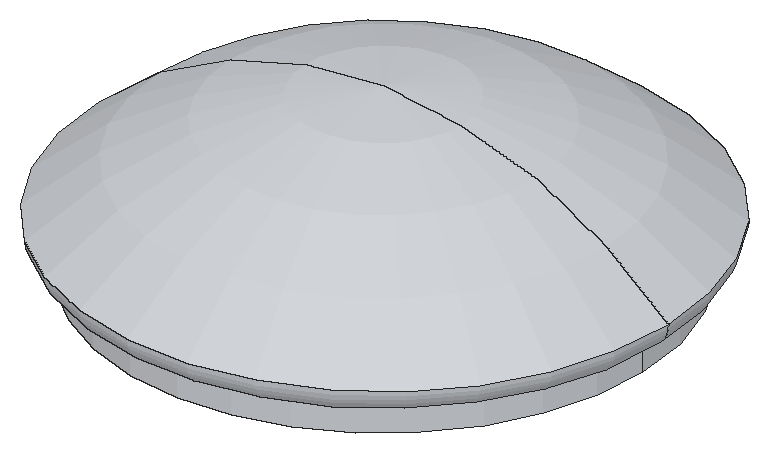
Revit family "0043427", category Lighting Fixtures, host Face, Revit 2017
Family settings
  Host = Face
  Round Connector Dimension = Use Diameter
  Part Type = Normal
  OmniClass Number = 23.80.70.00
  OmniClass Title = Lighting
  Cut with Voids When Loaded = No
  Light Source = Yes
  Shared = No
  Room Calculation Point = No
Parameters (values of type "0043427_3000K START eco Surface IP44 1550LM 830/840 DT")
  YIN_SENSOR_SYL = no
  YIN_360_SYL = no
  YIN_330_SYL = yes
  YIN_250_SYL = no
  YIN_180_SYL = no
  Weight = "3.12 kg"
  Wattage Comments = ""
  Wattage = 18 W
  WarrantyStartDate [instance] = "n/a"
  WarrantyGuarantorParts = "n/a"
  WarrantyDurationUnit = "n/a"
  WarrantyDurationParts = "n/a"
  WarrantyDescription = "n/a"
  built-in parameter 1150110 = 1 (stored number, unit not read)
  Voltage = 0 V
  URL = "http://www.sylvania-lighting.com"
  TypeName = "Start eco Surface IP44 1550lm 830/840 DualTone"
  Type Image = <None>
  Type Comments = "n/a"
  built-in parameter 1114217 = 1 (stored number, unit not read)
  Tilt Angle = -90.00°
  built-in parameter 1150109 = 1 (stored number, unit not read)
  built-in parameter 1150134 = (empty or 0)
  built-in parameter 1150113 = 1 (stored number, unit not read)
  SerialNumber [instance] = "n/a"
  SENSOR_SYL = 12 mm
  Photometric Web File = "0043427_3000K.ies"
  Material_3_SYL = none
  PowerFactor = 0
  PowerConsumption = "n/a"
  NominalLength = 330 mm
  NominalHeight = 96 mm
  NominalDepth = 330 mm
  Name = "Start eco Surface IP44 1550lm 830/840 DualTone"
  ModelReference = Name  # "Start eco Surface IP44 1550lm 830/840 DualTone"
  ModelNumber = "0043427"
  Model = Name  # "Start eco Surface IP44 1550lm 830/840 DualTone"
  Material = "steel housing, other diffuser"
  ManufacturerName = "Feilo Sylvania"
  Manufacturer = "Feilo Sylvania"
  LuminousEfficacy = "n/a"
  built-in parameter 1150105 = (empty or 0)
  Lumens = 0 lm
  LuminaireType = ""
  built-in parameter 1150115 = 1 (stored number, unit not read)
  LightOutputRatio = "n/a"
  built-in parameter 1150137 = (empty or 0)
  built-in parameter 1150139 = (empty or 0)
  LampsType = Lamp  # "LED"
  LampNominalLuminous = "1550 lm"
  LampMacAdamStep = "6"
  LampColourTemperature = "3000 K"
  LampColourRenderingIndex = "80"
  built-in parameter 1150112 = 1 (stored number, unit not read)
  built-in parameter 1150114 = 1 (stored number, unit not read)
  Lamp = "LED"
  LUM_R_SYL = if(YIN_180_SYL, 90 mm, if(YIN_250_SYL, 125 mm, if(YIN_330_SYL, 165 mm, if(YIN_360_SYL, 180 mm, 180 mm))))  # 165 mm
  LUM_R_HEIGHT_SYL = LUM_H_SYL - 30 mm  # 66 mm
  LUM_H_SYL = if(YIN_180_SYL, 75 mm, if(YIN_250_SYL, 80 mm, if(YIN_330_SYL, 96 mm, if(YIN_360_SYL, 100 mm, 100 mm))))  # 96 mm
  Keynote = "16500"
  InstallationDate [instance] = "n/a"
  InputVoltage = "n/a"
  InputNominalFrequency = "n/a"
  built-in parameter 1150132 = (empty or 0)
  built-in parameter 1150102 = (empty or 0)
  built-in parameter 1150107 = 3000 (stored number, unit not read)
  built-in parameter 1150138 = (empty or 0)
  IngressProtection = "IP44"
  ImpactProtectionIndex = "IK03"
  built-in parameter 1150106 = 1.0982 (stored number, unit not read)
  IfcExportType = "IfcLightFixtureType"
  IfcExportAs = "IfcLightFixtureType"
  Emit from Circle Diameter = 609.6 mm
  Emit Shape Visible in Rendering = no
  ElectricShockClassification = "Class I"
  built-in parameter 1150104 = (empty or 0)
  DocumentationLiterature = "http://www.sylvania-lighting.com/product/en-int/products/0043427"
  DimmingControlOptions = "n/a"
  Material_2_SYL = none
  Dimming Lamp Color Temperature Shift = <None>
  Description = ""
  Default Elevation = 1219.2 mm
  CreatedOn = "8/18/2020"
  CreatedBy = "@sylvania-lighting.com"
  Cost = 0
  Color Filter = 16777215
  built-in parameter 1114216 [instance] = (empty or 0)
  ClassificationValue = "EF_70_80"
  ClassificationName = "Uniclass2015"
  Material_1_SYL = none
  BarCode [instance] = "n/a"
  built-in parameter 1114218 = 1 (stored number, unit not read)
  BOTTOM_R_SYL = if(YIN_180_SYL, 76 mm, if(YIN_250_SYL, 110 mm, if(YIN_330_SYL, 150 mm, if(YIN_360_SYL, 150 mm, 150 mm))))  # 150 mm
  BOTTOM_HEIGHT_SYL = LUM_H_SYL - 15 mm  # 81 mm
  built-in parameter 1150133 = 10 (stored number, unit not read)
  AssetType = "Fixed"
  AssetIdentifier [instance] = "n/a"
  Assembly Code = "D5020200"
  Apparent Load = 0 VA
  Material_4_SYL = none
Types (16, lengths in mm): name | YIN_360_SYL | YIN_330_SYL | YIN_250_SYL | YIN_180_SYL | Weight | Wattage | TypeName | built-in parameter 1150134 | Photometric Web File | PowerFactor | PowerConsumption | NominalLength | NominalHeight | NominalDepth | Name | ModelReference | ModelNumber | Model | LuminousEfficacy | built-in parameter 1150105 | Lumens | LampNominalLuminous | LampColourTemperature | LUM_R_SYL | LUM_R_HEIGHT_SYL | LUM_H_SYL | built-in parameter 1150107 | built-in parameter 1150106 | built-in parameter 1150104 | DocumentationLiterature | BOTTOM_R_SYL | BOTTOM_HEIGHT_SYL | Apparent Load
  0043436_3000K START eco Surface IP44 2050LM MW 830/840 DT | yes | no | no | no | "3.42 kg" | 24 W | "Start eco Surface IP44 2050lm MW 830/840 DualTone" | (empty or 0) | "0043436_3000K.ies" | 0 | "n/a" | 360 | 100 | 360 | "Start eco Surface IP44 2050lm MW 830/840 DualTone" | "Start eco Surface IP44 2050lm MW 830/840 DualTone" | "0043436" | "Start eco Surface IP44 2050lm MW 830/840 DualTone" | "n/a" | (empty or 0) | 0 lm | "2050 lm" | "3000 K" | 180 | 70 | 100 | 3000 (stored number, unit not read) | 1.0982 (stored number, unit not read) | (empty or 0) | "http://www.sylvania-lighting.com/product/en-int/products/0043436" | 150 | 85 | 0 VA
  0043435_4000K START eco Surface IP44 1550LM MW 830/840 DT | no | yes | no | no | "3.42 kg" | 18 W | "Start eco Surface IP44 1550lm MW 830/840 DualTone" | 12 | "0043435_4000K.ies" | 0 | "n/a" | 330 | 96 | 330 | "Start eco Surface IP44 1550lm MW 830/840 DualTone" | "Start eco Surface IP44 1550lm MW 830/840 DualTone" | "0043435" | "Start eco Surface IP44 1550lm MW 830/840 DualTone" | "n/a" | (empty or 0) | 0 lm | "1550 lm" | "4000 K" | 165 | 66 | 96 | 4000 (stored number, unit not read) | 1.0982 (stored number, unit not read) | (empty or 0) | "http://www.sylvania-lighting.com/product/en-int/products/0043435" | 150 | 81 | 0 VA
  0043435_3000K START eco Surface IP44 1550LM MW 830/840 DT | no | yes | no | no | "3.42 kg" | 18 W | "Start eco Surface IP44 1550lm MW 830/840 DualTone" | (empty or 0) | "0043435_3000K.ies" | 0 | "n/a" | 330 | 96 | 330 | "Start eco Surface IP44 1550lm MW 830/840 DualTone" | "Start eco Surface IP44 1550lm MW 830/840 DualTone" | "0043435" | "Start eco Surface IP44 1550lm MW 830/840 DualTone" | "n/a" | (empty or 0) | 0 lm | "1550 lm" | "3000 K" | 165 | 66 | 96 | 3000 (stored number, unit not read) | 1.0982 (stored number, unit not read) | (empty or 0) | "http://www.sylvania-lighting.com/product/en-int/products/0043435" | 150 | 81 | 0 VA
  0043434_4000K START eco Surface IP44 2050LM DIM 30/840 DT | yes | no | no | no | "3.54 kg" | 24 W | "Start eco Surface IP44 2050lm DIM 830/840 DualTone" | 12 | "0043434_4000K.ies" | 0 | "n/a" | 360 | 100 | 360 | "Start eco Surface IP44 2050lm DIM 830/840 DualTone" | "Start eco Surface IP44 2050lm DIM 830/840 DualTone" | "0043434" | "Start eco Surface IP44 2050lm DIM 830/840 DualTone" | "n/a" | (empty or 0) | 0 lm | "2050 lm" | "4000 K" | 180 | 70 | 100 | 4000 (stored number, unit not read) | 1.0982 (stored number, unit not read) | (empty or 0) | "http://www.sylvania-lighting.com/product/en-int/products/0043434" | 150 | 85 | 0 VA
  0043434_3000K START eco Surface IP44 2050LM DIM 30/840 DT | yes | no | no | no | "3.54 kg" | 24 W | "Start eco Surface IP44 2050lm DIM 830/840 DualTone" | (empty or 0) | "0043434_3000K.ies" | 0 | "n/a" | 360 | 100 | 360 | "Start eco Surface IP44 2050lm DIM 830/840 DualTone" | "Start eco Surface IP44 2050lm DIM 830/840 DualTone" | "0043434" | "Start eco Surface IP44 2050lm DIM 830/840 DualTone" | "n/a" | (empty or 0) | 0 lm | "2050 lm" | "3000 K" | 180 | 70 | 100 | 3000 (stored number, unit not read) | 1.0982 (stored number, unit not read) | (empty or 0) | "http://www.sylvania-lighting.com/product/en-int/products/0043434" | 150 | 85 | 0 VA
  0043433_4000K START eco Surface IP44 1550LM DIM 830/840 DT | no | yes | no | no | "3.54 kg" | 18 W | "Start eco Surface IP44 1550lm DIM 830/840 DualTone" | 12 | "0043433_4000K.ies" | 0 | "n/a" | 330 | 96 | 330 | "Start eco Surface IP44 1550lm DIM 830/840 DualTone" | "Start eco Surface IP44 1550lm DIM 830/840 DualTone" | "0043433" | "Start eco Surface IP44 1550lm DIM 830/840 DualTone" | "n/a" | (empty or 0) | 0 lm | "1550 lm" | "4000 K" | 165 | 66 | 96 | 4000 (stored number, unit not read) | 1.0982 (stored number, unit not read) | (empty or 0) | "http://www.sylvania-lighting.com/product/en-int/products/0043433" | 150 | 81 | 0 VA
  0043433_3000K START eco Surface IP44 1550LM DIM 830/840 DT | no | yes | no | no | "3.54 kg" | 18 W | "Start eco Surface IP44 1550lm DIM 830/840 DualTone" | (empty or 0) | "0043433_3000K.ies" | 0 | "n/a" | 330 | 96 | 330 | "Start eco Surface IP44 1550lm DIM 830/840 DualTone" | "Start eco Surface IP44 1550lm DIM 830/840 DualTone" | "0043433" | "Start eco Surface IP44 1550lm DIM 830/840 DualTone" | "n/a" | (empty or 0) | 0 lm | "1550 lm" | "3000 K" | 165 | 66 | 96 | 3000 (stored number, unit not read) | 1.0982 (stored number, unit not read) | (empty or 0) | "http://www.sylvania-lighting.com/product/en-int/products/0043433" | 150 | 81 | 0 VA
  0043428_4000K START eco Surface IP44 2050LM 830/840 DT | yes | no | no | no | "3.12 kg" | 24 W | "Start eco Surface IP44 2050lm 830/840 DualTone" | 12 | "0043428_4000K.ies" | 0 | "n/a" | 360 | 100 | 360 | "Start eco Surface IP44 2050lm 830/840 DualTone" | "Start eco Surface IP44 2050lm 830/840 DualTone" | "0043428" | "Start eco Surface IP44 2050lm 830/840 DualTone" | "n/a" | (empty or 0) | 0 lm | "2050 lm" | "4000 K" | 180 | 70 | 100 | 4000 (stored number, unit not read) | 1.0982 (stored number, unit not read) | (empty or 0) | "http://www.sylvania-lighting.com/product/en-int/products/0043428" | 150 | 85 | 0 VA
  0043428_3000K START eco Surface IP44 2050LM 830/840 DT | yes | no | no | no | "3.12 kg" | 24 W | "Start eco Surface IP44 2050lm 830/840 DualTone" | (empty or 0) | "0043428_3000K.ies" | 0 | "n/a" | 360 | 100 | 360 | "Start eco Surface IP44 2050lm 830/840 DualTone" | "Start eco Surface IP44 2050lm 830/840 DualTone" | "0043428" | "Start eco Surface IP44 2050lm 830/840 DualTone" | "n/a" | (empty or 0) | 0 lm | "2050 lm" | "3000 K" | 180 | 70 | 100 | 3000 (stored number, unit not read) | 1.0982 (stored number, unit not read) | (empty or 0) | "http://www.sylvania-lighting.com/product/en-int/products/0043428" | 150 | 85 | 0 VA
  0043427_4000K START eco Surface IP44 1550LM 830/840 DT | no | yes | no | no | "3.12 kg" | 18 W | "Start eco Surface IP44 1550lm 830/840 DualTone" | 12 | "0043427_4000K.ies" | 0 | "n/a" | 330 | 96 | 330 | "Start eco Surface IP44 1550lm 830/840 DualTone" | "Start eco Surface IP44 1550lm 830/840 DualTone" | "0043427" | "Start eco Surface IP44 1550lm 830/840 DualTone" | "n/a" | (empty or 0) | 0 lm | "1550 lm" | "4000 K" | 165 | 66 | 96 | 4000 (stored number, unit not read) | 1.0982 (stored number, unit not read) | (empty or 0) | "http://www.sylvania-lighting.com/product/en-int/products/0043427" | 150 | 81 | 0 VA
  0043427_3000K START eco Surface IP44 1550LM 830/840 DT | no | yes | no | no | "3.12 kg" | 18 W | "Start eco Surface IP44 1550lm 830/840 DualTone" | (empty or 0) | "0043427_3000K.ies" | 0 | "n/a" | 330 | 96 | 330 | "Start eco Surface IP44 1550lm 830/840 DualTone" | "Start eco Surface IP44 1550lm 830/840 DualTone" | "0043427" | "Start eco Surface IP44 1550lm 830/840 DualTone" | "n/a" | (empty or 0) | 0 lm | "1550 lm" | "3000 K" | 165 | 66 | 96 | 3000 (stored number, unit not read) | 1.0982 (stored number, unit not read) | (empty or 0) | "http://www.sylvania-lighting.com/product/en-int/products/0043427" | 150 | 81 | 0 VA
  0043426_4000K START eco Surface IP44 1025LM 830/840 DT | no | no | yes | no | "1.5 kg" | 12 W | "Start eco Surface IP44 1025lm 830/840 DualTone" | 12 | "0043426_4000K.ies" | 0 | "n/a" | 250 | 80 | 250 | "Start eco Surface IP44 1025lm 830/840 DualTone" | "Start eco Surface IP44 1025lm 830/840 DualTone" | "0043426" | "Start eco Surface IP44 1025lm 830/840 DualTone" | "n/a" | (empty or 0) | 0 lm | "1025 lm" | "4000 K" | 125 | 50 | 80 | 4000 (stored number, unit not read) | 1.0982 (stored number, unit not read) | (empty or 0) | "http://www.sylvania-lighting.com/product/en-int/products/0043426" | 110 | 65 | 0 VA
  0043426_3000K START eco Surface IP44 1025LM 830/840 DT | no | no | yes | no | "1.5 kg" | 12 W | "Start eco Surface IP44 1025lm 830/840 DualTone" | (empty or 0) | "0043426_3000K.ies" | 0 | "n/a" | 250 | 80 | 250 | "Start eco Surface IP44 1025lm 830/840 DualTone" | "Start eco Surface IP44 1025lm 830/840 DualTone" | "0043426" | "Start eco Surface IP44 1025lm 830/840 DualTone" | "n/a" | (empty or 0) | 0 lm | "1025 lm" | "3000 K" | 125 | 50 | 80 | 3000 (stored number, unit not read) | 1.0982 (stored number, unit not read) | (empty or 0) | "http://www.sylvania-lighting.com/product/en-int/products/0043426" | 110 | 65 | 0 VA
  0043425_4000K START eco Surface IP44 520LM 830/840 DT | no | no | no | yes | "1.02 kg" | 6 W | "Start eco Surface IP44 520lm 830/840 DualTone" | 12 | "0043425_4000K.ies" | 0.8 | "6 W" | 180 | 75 | 180 | "Start eco Surface IP44 520lm 830/840 DualTone" | "Start eco Surface IP44 520lm 830/840 DualTone" | "0043425" | "Start eco Surface IP44 520lm 830/840 DualTone" | "85 lm/W" | 40.585 (stored number, unit not read) | 510 lm | "520 lm" | "4000 K" | 90 | 45 | 75 | 4000 (stored number, unit not read) | 0.40585 (stored number, unit not read) | 7.8968 (stored number, unit not read) | "http://www.sylvania-lighting.com/product/en-int/products/0043425" | 76 | 60 | 6 VA
  0043425_3000K START eco Surface IP44 520LM 830/840 DT | no | no | no | yes | "1.02 kg" | 6 W | "Start eco Surface IP44 520lm 830/840 DualTone" | (empty or 0) | "0043425_3000K.ies" | 0.8 | "6 W" | 180 | 75 | 180 | "Start eco Surface IP44 520lm 830/840 DualTone" | "Start eco Surface IP44 520lm 830/840 DualTone" | "0043425" | "Start eco Surface IP44 520lm 830/840 DualTone" | "85 lm/W" | 40.585 (stored number, unit not read) | 510 lm | "520 lm" | "3000 K" | 90 | 45 | 75 | 3000 (stored number, unit not read) | 0.40585 (stored number, unit not read) | 7.8968 (stored number, unit not read) | "http://www.sylvania-lighting.com/product/en-int/products/0043425" | 76 | 60 | 6 VA
  0043436_4000K START eco Surface IP44 2050LM MW 830/840 DT | yes | no | no | no | "3.42 kg" | 24 W | "Start eco Surface IP44 2050lm MW 830/840 DualTone" | 12 | "0043436_4000K.ies" | 0 | "n/a" | 360 | 100 | 360 | "Start eco Surface IP44 2050lm MW 830/840 DualTone" | "Start eco Surface IP44 2050lm MW 830/840 DualTone" | "0043436" | "Start eco Surface IP44 2050lm MW 830/840 DualTone" | "n/a" | (empty or 0) | 0 lm | "2050 lm" | "4000 K" | 180 | 70 | 100 | 4000 (stored number, unit not read) | 1.0982 (stored number, unit not read) | (empty or 0) | "http://www.sylvania-lighting.com/product/en-int/products/0043436" | 150 | 85 | 0 VA
Reference planes
  plane 1 "Center (Front/Back)": y = 0
  plane 2: z = 0
  plane 3 "Center (Left/Right)": x = 0
  plane 4: x = -150
  plane 5: x = -165
  plane 6: z = -96
  plane 7: z = -66
  plane 8: z = -81
  plane 9: z = 12
Forms (mm)
  Revolve 1, solid
    sketch origin (0, 0, 0) x (1, 0, 0) y (0, 0, 1)
      loop
        line (0, -96) -> (0, 0)
        arc (0, 0) -> (-88.728, -17.429) -> (-165, -66) r 243.775
        arc (-165, -66) -> (-160.54, -76.54) -> (-150, -81) r 15.235
        line (-150, -81) -> (-150, -96) -> (0, -96)
      axis (0, -96) -> (0, 0)
    angle from 360 to 0
Dimensions and locks
  "BOTTOM_R_SYL": plane 3 "Center (Left/Right)" to plane 4
  "LUM_R_SYL": plane 3 "Center (Left/Right)" to plane 5
  "BOTTOM_HEIGHT_SYL": host face to plane 8
  "LUM_R_HEIGHT_SYL": host face to plane 7
  "LUM_H_SYL": host face to plane 6
  "SENSOR_SYL": plane 9 to host face
  aligned and locked: plane 2 to host face
  aligned and locked: level to host face
  aligned and locked: Revolve 1 sketch curve to plane 6
  aligned and locked: plane 4 to Revolve 1 sketch curve
  aligned and locked: imposter light to Revolve 1 sketch curve
  aligned and locked: Revolve 1 sketch curve to imposter light
Automatic sketch dimensions
  host sketch curve to host sketch curve = 2438.4 mm  (x2)
  Revolve 1 sketch curve to plane 5 = 0 mm
  Revolve 1 sketch curve to plane 8 = 0 mm
  Revolve 1 sketch curve to plane 7 = 0 mm
  plane 4 to Revolve 1 sketch curve = 0.233 mm
  plane 3 "Center (Left/Right)" to Revolve 1 sketch curve = 1.807 mm
